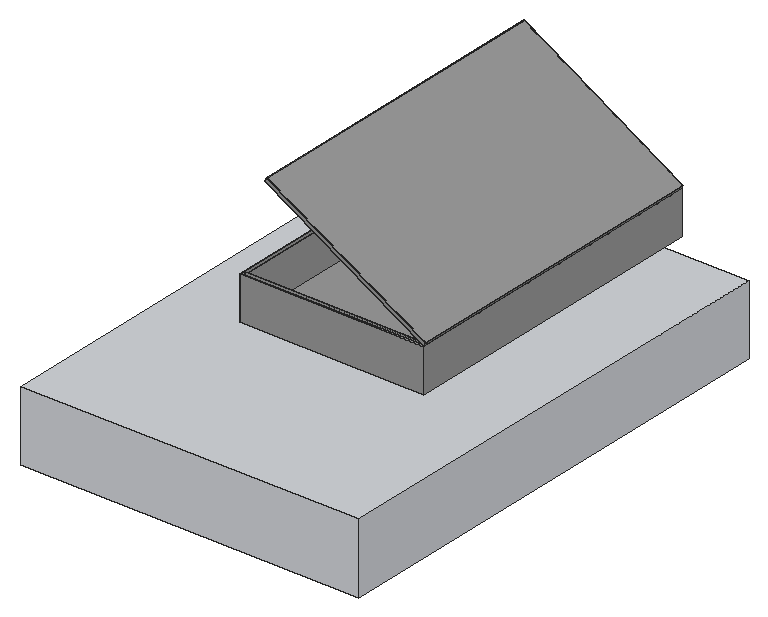
Revit family "Hager-Univers-IP54-D205-H1400-Cl.II-Encl-PL-en", category Equipement électrique, Revit 2020
Family settings
  Hôte = Face
  Configuration du panneau = Deux colonnes, circuits au sein
  Cote de connecteur circulaire = Utiliser le diamètre
  Type d'élément = Tableau de raccordement
  Couper avec des vides une fois chargée = Non
  Partagée = Non
  Point de calcul de pièce = Non
Parameters (values of type "Surface mounted (plaster) IP54 W800 H1400 D205  - FP93SW2")
  Width Control [instance] = if([EF000008 - Width] > Min Width, [EF000008 - Width], Min Width)  # 800 mm
  Commentaires du type = [HG000003 - Range]  # "Univers"
  Thickness Door [instance] = if([EF009171 - Material plate thickness door/cover] > 3 mm, 3 mm, [EF009171 - Material plate thickness door/cover])  # 1 mm
  Seal Frame Offset [instance] = 17 mm  # constant formula
  Plinth Visibility [instance] = [HG000027 - Plinth height] > 0 mm  # no
  Model = ""
  Min Width [instance] = 100 mm  # constant formula
  Min Height [instance] = 100 mm  # constant formula
  Min Depth [instance] = (2 * [EF009170 - Material plate thickness cabinet]) + 1 mm  # 3 mm
  Internal Frame Depth [instance] = (Door System Depth * 0.5)  # 9 mm
  Height Control [instance] = if([EF000040 - Height] > Min Height, [EF000040 - Height], Min Height)  # 1400 mm
  HG000027 - Plinth height = 0 mm
  HG000026 - Floor standing = no
  HG000024 - Bottom section height = 800 mm
  HG000023 - Double section enclosure = no
  HG000016 - Door 3d visibility [instance] = yes
  HG000015 - Clearance visibility [instance] = no
  HG000014 - Door on the right [instance] = yes
  HG000013 - Door on the left [instance] = not([HG000014 - Door on the right])  # no
  HG000012 - Door swing angle [instance] = 30.00°
  HG000010 - Asymmetric doors = no
  HG000009 - Double swing door = no
  HG000006 - Flush mounted = no
  HG000004 - Manufacturer reference = "FP93SW2"
  HG000003 - Range = "Univers"
  HG000002 - With door or cover = yes
  Frame Offset Bottom [instance] = 10 mm  # constant formula
  Frame Offset [instance] = 15 mm  # constant formula
  EF015940 - Cover with overpressure release = no
  EF011959 - Degree of protection (NEMA) = ""
  EF009554 - Number of openings for flange plates = 6
  EF009212 - Cover model = "EV000116 - Closed"
  EF009171 - Material plate thickness door/cover = 1 mm
  EF009170 - Material plate thickness cabinet = 1 mm
  Fabricant = "Hager"  # constant formula
  EF008873 - Nominal current (In) = 250 A
  EF007800 - Suitable for lightning protection = no
  EF006306 - With lock = no
  EF006244 - Transparent cover/door = no
  EF005474 - Degree of protection (IP) = "EV006419 - IP54"
  EF004464 - Type of door = "EV002646 - Single"
  EF004427 - Number of modules = 324
  EF004293 - Impact strength = "EV006815 - IK09"
  EF003532 - Suitable for outdoor use = no
  EF002950 - Width in number of modular spacings = 36
  EF001613 - Circuit integrity = "EV000494 - None"
  EF001596 - Material housing = "EV000179 - Steel"
  EF001131 - Internal depth = 130 mm
  EF001088 - Extension possible = yes
  EF000437 - Number of conduit inlets = 6
  EF000339 - Type of cover = "EV004216 - Door"
  EF000266 - Number of rows = 9
  EF000218 - Built-in depth = 205 mm
  EF000118 - With mounting plate = no
  EF000116 - RAL-number = "9010"
  EF000049 - Depth = 205 mm
  EF000040 - Height = 1400 mm
  EF000008 - Width = 800 mm
  EF000007 - Colour = "EV000202 - White"
  EF000003 - Mounting method = "EV000384 - Surface mounted (plaster)"
  Door System Leaf Tolerance [instance] = 1.5 mm  # constant formula
  Door System Depth [instance] = 18 mm  # constant formula
  Door Height [instance] = Height Control - [HG000027 - Plinth height]  # 1400 mm
  Depth Control [instance] = if([EF000049 - Depth] > Min Depth, [EF000049 - Depth], Min Depth)  # 205 mm
  Default Elevation = 0 mm
  Connector Offset [instance] = Height Control / 2  # 700 mm
  Bottom Top Plate Trim [instance] = 1.5 mm  # constant formula
  Plinth height Ctrl [instance] = if([HG000027 - Plinth height] > 0 mm, [HG000027 - Plinth height], 12 mm)  # 12 mm
Types (5, lengths in mm): name | Width Control | HG000010 - Asymmetric doors | HG000009 - Double swing door | HG000004 - Manufacturer reference | EF009554 - Number of openings for flange plates | EF004464 - Type of door | EF004427 - Number of modules | EF002950 - Width in number of modular spacings | EF000437 - Number of conduit inlets | EF000008 - Width
  Surface mounted (plaster) IP54 W1050 H1400 D205  - FP94SW2 | 1050 | no | yes | "FP94SW2" | 8 | "EV003602 - Double" | 432 | 48 | 8 | 1050
  Surface mounted (plaster) IP54 W1300 H1400 D205  - FP95SW2 | 1300 | yes | yes | "FP95SW2" | 10 | "EV003602 - Double" | 540 | 60 | 10 | 1300
  Surface mounted (plaster) IP54 W300 H1400 D205  - FP91SW2 | 300 | no | no | "FP91SW2" | 2 | "EV002646 - Single" | 108 | 12 | 2 | 300
  Surface mounted (plaster) IP54 W550 H1400 D205  - FP92SW2 | 550 | no | no | "FP92SW2" | 4 | "EV002646 - Single" | 216 | 24 | 4 | 550
  Surface mounted (plaster) IP54 W800 H1400 D205  - FP93SW2 | 800 | no | no | "FP93SW2" | 6 | "EV002646 - Single" | 324 | 36 | 6 | 800
Reference planes
  plane 1 "Center (Front/Back)": y = 0
  plane 2: z = 0
  plane 3 "Center (Left/Right)": x = 0
  plane 4: z = 205
  plane 5: y = 1
  plane 6: y = 700
  plane 7: y = 0
  plane 8: y = 1400
  plane 9: z = 0
  plane 10: x = -385
  plane 11: x = 385
  plane 12: x = 384
  plane 13: x = -384
  plane 14: y = 1399
  plane 15: x = -383
  plane 16: x = -400
  plane 17: x = 383
  plane 18: x = 400
  plane 19: x = 399
  plane 20: x = -399
  plane 21: y = 11
  plane 22: y = 1400
  plane 23: y = 1384
  plane 24: z = 187
  plane 25: z = 1
  plane 26: z = 186
  plane 27: z = 204
Forms (mm)
  Extrusion 1, solid
    sketch origin (0, 0, 0) x (1, 0, 0) y (0, 1, 0)
      loop
        line (-702.964, 1305) -> (-702.964, -811.445) -> (766.763, -811.445) -> (766.763, 1305) -> (-702.964, 1305)
    from 0 to -304.8
  Extrusion 2, solid, material "Hager_Steel_RAL7035_Light_Grey", visible <- "Plinth Visibility", detail levels medium+fine
    sketch origin (0, 0, 0) x (1, 0, 0) y (0, 1, 0)
      loop
        line (-400, 0) -> (400, 0) -> (400, 12) -> (-400, 12) -> (-400, 0)
    from 0 to 187
  Extrusion 3, solid, material "Hager_Steel_RAL7035_Light_Grey", detail levels medium+fine
    sketch origin (0, 0, 0) x (1, 0, 0) y (0, 1, 0)
      loop
        line (-400, 0) -> (400, 0) -> (400, 1400) -> (-400, 1400) -> (-400, 0)
    from 0 to 187
  Extrusion 4, void
    sketch origin (0, 0, 0) x (1, 0, 0) y (0, 1, 0)
      loop
        line (-399, 1) -> (399, 1) -> (399, 1399) -> (-399, 1399) -> (-399, 1)
    from 1 to 186
  Extrusion 5, void
    sketch origin (-381.607, -4572, 187) x (0, -1, 0) y (-1, 0, 0)
      loop
        line (-4583, 2.393) -> (-5956, 2.393) -> (-5956, -765.607) -> (-4583, -765.607) -> (-4583, 2.393)
    from 0 to 1 <- "EF009170 - Material plate thickness cabinet"
  Extrusion 6, solid, material "Hager_Steel_RAL7035_Light_Grey", detail levels fine
    sketch origin (0, 0, 187) x (1, 0, 0) y (0, 1, 0)
      loop
        line (-384, 1384) -> (-384, 11) -> (384, 11) -> (384, 1384) -> (-384, 1384)
      loop
        line (-385, 10) -> (385, 10) -> (385, 1385) -> (-385, 1385) -> (-385, 10)
    from 0 to 9 <- "Internal Frame Depth"
  Extrusion 7, solid, material "Hager_Steel_RAL7035_Light_Grey", detail levels coarse
    sketch origin (0, 0, 0) x (1, 0, 0) y (0, 1, 0)
      loop
        line (-400, 0) -> (400, 0) -> (400, 1400) -> (-400, 1400) -> (-400, 0)
    from 0 to 205
  Sweep 8, void
    path in 3D
      loop
        line (-400, 12, 0) -> (400, 12, 0) -> (400, 12, 187) -> (-400, 12, 187) -> (-400, 12, 0)
    profile origin (-400, 12, 93.5) x (-1, 0, 0) y (0, -1, 0)
      loop
        line (0, 0) -> (0, 1.5) -> (-1.5, 1.5)
        arc (-1.5, 1.5) -> (-1.061, 0.439) -> (0, 0) r 1.5
Cuts and joins
  Extrusion 4, Extrusion 5 cuts Extrusion 3
  Sweep 8 cuts Extrusion 2
Lines and regions (mm)
  Masking region 1
    outline origin (0, 0, 0) x (1, 0, 0) y (0, 0, 1)
      loop
        line (-400, 205) -> (-400, 0) -> (400, 0) -> (400, 205) -> (-400, 205)
  Masking region 2, detail levels medium+fine
    outline origin (0, 140, 0) x (0, 1, 0) y (0, 0, 1)
      loop
        line (-140, 0) -> (1260, 0) -> (1260, 187) -> (-140, 187) -> (-140, 0)
  Masking region 3, not visible, detail levels medium+fine
    outline origin (0, 297.922, 0) x (0, 1, 0) y (0, 0, 1)
      loop
        line (413.578, 0) -> (453.578, 0) -> (453.578, 194)
        arc (453.578, 194) -> (450.649, 201.071) -> (443.578, 204) r 10
        line (443.578, 204) -> (413.578, 204) -> (413.578, 0)
  Masking region 4, detail levels coarse
    outline origin (0, 0, 180) x (0, 1, 0) y (0, 0, 1)
      loop
        line (0, -180) -> (1400, -180) -> (1400, 25) -> (0, 25) -> (0, -180)
  Masking region 5, visible <- "Plinth Visibility", detail levels medium+fine
    outline origin (0, 52.24, 12.345) x (0, 0, -1) y (0, 1, 0)
      loop
        line (10.845, -40.24) -> (-173.155, -40.24)
        arc (-173.155, -40.24) -> (-173.594, -41.301) -> (-174.655, -41.74) r 1.5
        line (-174.655, -41.74) -> (-174.655, -52.24) -> (12.345, -52.24) -> (12.345, -41.74)
        arc (12.345, -41.74) -> (11.285, -41.301) -> (10.845, -40.24) r 1.5
  Masking region 6, detail levels medium+fine
    outline origin (-381.607, -4572, 187) x (-1, 0, 0) y (0, -1, 0)
      loop
        line (18.393, -5972) -> (18.393, -4572) -> (-781.607, -4572) -> (-781.607, -5972) -> (18.393, -5972)
  Masking region 7, visible <- "Plinth Visibility", detail levels medium+fine
    outline origin (-381.607, -4727, 187) x (-1, 0, 0) y (0, -1, 0)
      loop
        arc (16.893, -4739) -> (17.332, -4737.939) -> (18.393, -4737.5) r 1.5
        line (18.393, -4737.5) -> (18.393, -4727) -> (-781.607, -4727) -> (-781.607, -4737.5)
        arc (-781.607, -4737.5) -> (-780.546, -4737.939) -> (-780.107, -4739) r 1.5
        line (-780.107, -4739) -> (16.893, -4739)
  Masking region 8, detail levels coarse
    outline origin (-442.548, -4669.526, 187) x (-1, 0, 0) y (0, -1, 0)
      loop
        line (-42.548, -6069.526) -> (-42.548, -4669.526) -> (-842.548, -4669.526) -> (-842.548, -6069.526) -> (-42.548, -6069.526)
  sketch lines
    curve 1: line (-400, 12, 187) -> (-400, 12, 0)
    curve 2: line (400, 12, 187) -> (-400, 12, 187)
    curve 3: line (400, 12, 187) -> (400, 12, 0)
    curve 4: line (-400, 12, 0) -> (400, 12, 0)
Dimensions and locks
  "Depth Control": plane 4 to Extrusion 1
  "HG000027 - Plinth height": plane 1 "Center (Front/Back)" to plane 7
  "EF009170 - Material plate thickness cabinet": plane 5 to plane 7
  locked: connector elem to plane 3 "Center (Left/Right)"
  equal spacing: plane 8, plane 6, plane 7
  locked: connector elem to plane 6
  "EF009170 - Material plate thickness cabinet": plane 8 to plane 14
  "EF009170 - Material plate thickness cabinet": plane 10 to plane 13
  "EF009170 - Material plate thickness cabinet": plane 12 to plane 11
  "Frame Offset": plane 20 to plane 13
  "Frame Offset": plane 12 to plane 19
  "EF009170 - Material plate thickness cabinet": plane 16 to plane 20
  "EF009170 - Material plate thickness cabinet": plane 19 to plane 18
  "Seal Frame Offset": plane 16 to plane 15
  "Seal Frame Offset": plane 17 to plane 18
  "Frame Offset Bottom": plane 21 to plane 5
  "Frame Offset": plane 14 to plane 23
  equal spacing: plane 16, plane 3 "Center (Left/Right)", plane 18
  "Width Control": plane 16 to plane 18
  "EF009170 - Material plate thickness cabinet": plane 4 to plane 27
  "EF009170 - Material plate thickness cabinet": plane 24 to plane 26
  "EF009170 - Material plate thickness cabinet": plane 25 to level
  "Door System Depth": plane 4 to plane 24
  "Height Control": plane 1 "Center (Front/Back)" to Extrusion 7 sketch curve
  "Height Control": Masking region 4 sketch curve to plane 1 "Center (Front/Back)"
  "Height Control": plane 1 "Center (Front/Back)" to plane 22
  "Bottom Top Plate Trim": profile plane to Sweep 8 sketch curve
  "Bottom Top Plate Trim": Sweep 8 sketch curve to profile plane
  "Plinth height Ctrl": plane 1 "Center (Front/Back)" to Extrusion 2 sketch curve
  "Plinth height Ctrl": Masking region 5 sketch curve to plane 1 "Center (Front/Back)"
  "Plinth height Ctrl": plane 1 "Center (Front/Back)" to Masking region 7 sketch curve
  "Thickness Door": Extrusion 6 sketch curve to Extrusion 6 sketch curve  (x3)
  "Thickness Door": cut or joined group of Extrusion 3, Extrusion 4, Extrusion 5 to Extrusion 6 sketch curve
  radius of Masking region 3 sketch curve = 10 mm
  "Bottom Top Plate Trim": radius of Masking region 5 sketch curve  (x2)
  "Bottom Top Plate Trim": radius of Sweep 8 sketch curve
  "Bottom Top Plate Trim": radius of Masking region 7 sketch curve  (x2)
  aligned and locked: plane 2 to Extrusion 1
  aligned and locked: level to Extrusion 1
  aligned and locked: level to Masking region 1 sketch curve
  aligned and locked: Masking region 1 sketch curve to plane 18
  aligned and locked: Masking region 1 sketch curve to plane 16
  aligned and locked: plane 7 to Masking region 2 sketch curve
  aligned and locked: level to Masking region 3 sketch curve
  aligned and locked: Masking region 3 sketch curve to plane 27
  aligned and locked: level to Masking region 2 sketch curve
  aligned and locked: plane 1 "Center (Front/Back)" to Extrusion 2 sketch curve
  aligned and locked: Extrusion 3 sketch curve to plane 7
  aligned and locked: plane 16 to Extrusion 3 sketch curve
  aligned and locked: plane 18 to Extrusion 3 sketch curve
  aligned and locked: plane 20 to Extrusion 4 sketch curve
  aligned and locked: plane 19 to Extrusion 4 sketch curve
  aligned and locked: Extrusion 4 sketch curve to plane 5
  aligned and locked: Extrusion 4 to plane 25
  aligned and locked: plane 26 to Extrusion 4
  aligned and locked: plane 24 to Extrusion 3
  aligned and locked: Extrusion 5 sketch curve to plane 21
  aligned and locked: Extrusion 5 sketch curve to plane 13
  aligned and locked: Extrusion 5 sketch curve to plane 12
  aligned and locked: plane 18 to Extrusion 7 sketch curve
  aligned and locked: plane 1 "Center (Front/Back)" to Extrusion 7 sketch curve
  aligned and locked: plane 16 to Extrusion 7 sketch curve
  aligned and locked: plane 4 to Extrusion 7
  aligned and locked: Extrusion 7 to level
  aligned and locked: level to Masking region 4 sketch curve
  aligned and locked: Masking region 4 sketch curve to plane 1 "Center (Front/Back)"
  aligned and locked: Masking region 4 sketch curve to plane 4
  aligned and locked: nested 1 to level
  aligned and locked: nested 1 to plane 16
  aligned and locked: plane 8 to Extrusion 3 sketch curve
  aligned and locked: plane 23 to Extrusion 5 sketch curve
  aligned and locked: plane 14 to Extrusion 4 sketch curve
  aligned and locked: Masking region 2 sketch curve to plane 8
  aligned and locked: level to Masking region 5 sketch curve
  aligned and locked: plane 16 to Extrusion 2 sketch curve
  aligned and locked: plane 18 to Extrusion 2 sketch curve
  aligned and locked: Masking region 5 sketch curve to plane 24
  aligned and locked: Masking region 2 sketch curve to plane 24
  aligned and locked: plane 24 to Extrusion 2
  aligned and locked: profile plane to Sweep 8 sketch curve  (x2)
  aligned and locked: Masking region 6 sketch curve to plane 18
  aligned and locked: Masking region 6 sketch curve to plane 22
  aligned and locked: Masking region 6 sketch curve to plane 16
  aligned and locked: plane 8 to plane 22
  aligned and locked: Masking region 6 sketch curve to plane 7
  aligned and locked: Masking region 7 sketch curve to plane 16
  aligned and locked: Masking region 7 sketch curve to plane 1 "Center (Front/Back)"
  aligned and locked: Masking region 7 sketch curve to plane 18
  aligned and locked: Masking region 8 sketch curve to plane 1 "Center (Front/Back)"
  aligned and locked: Masking region 8 sketch curve to plane 18
  aligned and locked: Masking region 8 sketch curve to plane 22
  aligned and locked: Masking region 8 sketch curve to plane 16
  aligned and locked: nested 2 to plane 7
  aligned and locked: plane 3 "Center (Left/Right)" to nested 2
  aligned and locked: nested 2 to plane 24
  aligned and locked: Extrusion 6 sketch curve to cut or joined group of Extrusion 3, Extrusion 4, Extrusion 5  (x4)
Automatic sketch dimensions
  Extrusion 1 sketch curve to Extrusion 1 sketch curve = 1469.727 mm
  Extrusion 1 sketch curve to Extrusion 1 sketch curve = 2116.445 mm
  Masking region 1 sketch curve to plane 4 = 0 mm
  plane 6 to Masking region 3 sketch curve = 11.5 mm
  Masking region 3 sketch curve to Masking region 3 sketch curve = 30 mm
  Masking region 5 sketch curve to plane 1 "Center (Front/Back)" = 0 mm
Nested families
  nested 1: "Hager_Enclosure_Symbol" at (-400, 0, 0) x (1, 0, 0) z (0, -1, 0), Height <- "Depth Control", Width <- "Width Control", type "Hager_Enclosure_Symbol"
    with Width_Ctrl 800 mm, Width 800 mm, Height_Ctrl 205 mm, Height 205 mm, A_Width_Int 13.453 mm, A_Width 161.438 mm, A_Height_Ctrl 179.375 mm, A_Height 179.375 mm
  nested 2: "EC000058_Univers_Door" at (0, 0, 187) x (1, 0, 0) z (0, 1, 0), Leaf_Tolerance <- "Door System Leaf Tolerance", Angle <- "HG000012 - Door swing angle", Door_Depth <- "Door System Depth", Door_Left <- "HG000013 - Door on the left", Transparent <- "EF006244 - Transparent cover/door", Assymetrical <- "HG000010 - Asymmetric doors", Width <- "Width Control", Clearance <- "HG000015 - Clearance visibility", Double <- "HG000009 - Double swing door", 3d_Door <- "HG000016 - Door 3d visibility", Lock_Visibility <- "EF006306 - With lock", Width_Ctrl <- "Width Control", Door_Right <- "HG000014 - Door on the right", Door <- "HG000002 - With door or cover", Height <- "Door Height", Thickness <- "Thickness Door", type "EC000058_Univers_Door", detail levels medium+fine
    with min_wh 3 mm, Width_Ctrl 800 mm, Width 800 mm, Transparent no, Thickness 1 mm, Seal_Material Hager_Rubber, Lock_Visibility no, Lock_Material Hager_Plastic_RAL9005_Jet_Black, Leaf_Width 800 mm, Leaf_Tolerance_External_Sides 0 mm, Leaf_Tolerance 1.5 mm, Leaf_Offset 0 mm, Leaf_Height 1397 mm, Leaf_2_Width 800 mm, Leaf_2_Offset 400 mm, Leaf_1_Width 800 mm, Leaf_1_Offset 400 mm, Height_Ctrl 1400 mm, Height 1400 mm, Glass_Material Hager_Glass, Double_Clearance_Ctrl no, Double no, Door_Right_Ctrl yes, Door_Right yes, Door_Material Hager_Steel_RAL7035_Light_Grey, Door_Left_Ctrl no, Door_Left no, Door_Depth 18 mm, Door yes, Clearance_Material Hager_Clearance, Clearance_Depth 800 mm, Clearance_Ctrl no, Clearance no, Assymetrical no, Angle 30.00°, 3d_Door yes
Connectors
  electrical at (0, 700, 0)
    settings: on plane 9, index 1, voltage 0 V, apparent load 0 VA, apparent load phase1 0 VA, apparent load phase2 0 VA, apparent load phase3 0 VA, power factor 1, load classification "Other", number of poles 1, system type 30, power factor state 1, is connector primary yes, connector utility no, sub classification motor no, connector description ""
Definition of nested family "EC000058_Univers_Door"
  Parameters (values of type "EC000058_Univers_Door")
    min_wh [instance] = (2 * Thickness) + 1 mm  # 11 mm
    Width_Ctrl [instance] = 400 mm
    Width [instance] = 500 mm
    Transparent [instance] = yes
    Thickness [instance] = 5 mm
    Seal_Material [instance] = none
    Lock_Visibility [instance] = yes
    Lock_Material [instance] = none
    Leaf_Width [instance] = if((Width_Ctrl - 2 * Leaf_Tolerance_External_Sides) > 0 mm, (Width_Ctrl - 2 * Leaf_Tolerance_External_Sides), min_wh)  # 400 mm
    Leaf_Tolerance_External_Sides [instance] = 0 mm  # constant formula
    Leaf_Tolerance [instance] = 1.5 mm
    Leaf_Offset [instance] = 0 mm  # constant formula
    Leaf_Height [instance] = if((Height_Ctrl - 2 * Leaf_Tolerance) > 0 mm, (Height_Ctrl - 2 * Leaf_Tolerance), min_wh)  # 497 mm
    Leaf_2_Width [instance] = if(and(and(Double, Assymetrical), Door_Left), (Leaf_Width / 3) - (Leaf_Tolerance / 2), if(and(and(Double, Assymetrical), Door_Right), (Leaf_Width / 3) * 2 - (Leaf_Tolerance / 2), if(and(Double, not(Assymetrical)), (Leaf_Width / 2) - Leaf_Tolerance, Leaf_Width)))  # 400 mm
    Leaf_2_Offset [instance] = if(and(Double, Assymetrical), Leaf_2_Width / 2, if(and(Double, not(Assymetrical)), Leaf_Width / 4, Leaf_Width / 2))  # 200 mm
    Leaf_1_Width [instance] = if(and(and(Double, Assymetrical), Door_Right), (Leaf_Width / 3) - (Leaf_Tolerance / 2), if(and(and(Double, Assymetrical), Door_Left), (Width / 3) * 2 - (Leaf_Tolerance / 2), if(and(Double, not(Assymetrical)), (Leaf_Width / 2) - Leaf_Tolerance, Leaf_Width)))  # 400 mm
    Leaf_1_Offset [instance] = if(and(Double, Assymetrical), Leaf_1_Width / 2, if(and(Double, not(Assymetrical)), Leaf_Width / 4, Leaf_Width / 2))  # 200 mm
    Height_Ctrl [instance] = if(Height > min_wh, Height, min_wh)  # 500 mm
    Height [instance] = 500 mm
    Glass_Material [instance] = none
    Double_Clearance_Ctrl [instance] = and(Double, Clearance)  # no
    Double [instance] = no
    Door_Right_Ctrl [instance] = and(or(Door_Right, Double), Door)  # yes
    Door_Right [instance] = yes
    Door_Material [instance] = none
    Door_Left_Ctrl [instance] = and(or(Door_Left, Double), Door)  # no
    Door_Left [instance] = no
    Door_Depth [instance] = 30 mm
    Door [instance] = yes
    Default Elevation = 1219.2 mm
    Clearance_Material [instance] = none
    Clearance_Depth [instance] = if(Leaf_1_Width > Leaf_2_Width, Leaf_1_Width, Leaf_2_Width)  # 400 mm
    Clearance_Ctrl [instance] = and(not(Double), Clearance)  # yes
    Clearance [instance] = yes
    Assymetrical [instance] = yes
    Angle [instance] = 30.00°
    3d_Door [instance] = yes
  Reference planes
    plane 1 "Center (Front/Back)": y = 0
    plane 2 "Bottom": z = 0
    plane 3 "Center (Left/Right)": x = 0
    plane 4: z = 500
    plane 5: x = -200
    plane 6: x = 200
    plane 7: z = 500
    plane 8: x = -200
    plane 9: z = 0
    plane 10: x = 200
    plane 11: y = 0
    plane 12: z = 1.5
    plane 13: x = -600
    plane 14: y = -400
    plane 15: x = 600
    plane 16: x = 0
    plane 17: x = 0
    plane 18: x = -200
    plane 19: x = 200
    plane 20: z = 498.5
  Forms (mm)
    Extrusion 1, solid, material <- "Clearance_Material", visible <- "Double_Clearance_Ctrl"
      sketch origin (1200, 0, 0) x (1, 0, 0) y (0, 0, -1)
        loop
          line (-1800, -498.5) -> (-600, -498.5) -> (-600, 0) -> (-1800, 0) -> (-1800, -498.5)
      from 0 to -400
  Dimensions and locks
    equal spacing: plane 5, plane 3 "Center (Left/Right)", plane 6
    "Width_Ctrl": plane 5 to plane 6
    "Leaf_Offset": plane 5 to plane 8
    "Leaf_Offset": plane 6 to plane 10
    "Leaf_Offset": plane 9 to level
    "Leaf_Offset": plane 4 to plane 7
    "Height_Ctrl": plane 4 to level
    "Leaf_Tolerance": plane 12 to plane 9
    locked: plane 11 to plane 1 "Center (Front/Back)"
    "Leaf_1_Offset": plane 18 to plane 16
    "Leaf_2_Offset": plane 17 to plane 19
    "Leaf_1_Width": plane 13 to plane 8
    "Leaf_2_Width": plane 10 to plane 15
    "Clearance_Depth": plane 14 to plane 1 "Center (Front/Back)"
    "Leaf_Tolerance_External_Sides": plane 8 to plane 18
    "Leaf_Tolerance_External_Sides": plane 19 to plane 10
    "Leaf_Tolerance": plane 7 to plane 20
    aligned and locked: level to plane 2 "Bottom"
    aligned and locked: nested 1 to plane 16
    aligned and locked: nested 2 to plane 17
    aligned and locked: Extrusion 1 to plane 13
    aligned and locked: plane 15 to Extrusion 1
    aligned and locked: Extrusion 1 to plane 14
    aligned and locked: plane 12 to nested 1
    aligned and locked: nested 2 to plane 12
    aligned and locked: Extrusion 1 to plane 11
    aligned and locked: plane 20 to Extrusion 1
    aligned and locked: nested 2 to plane 11
    aligned and locked: nested 1 to plane 11
  Automatic sketch dimensions
    Extrusion 1 sketch curve to level = 0 mm
    plane 5 to Extrusion 1 sketch curve = 400 mm
    plane 6 to Extrusion 1 sketch curve = 400 mm
    Extrusion 1 sketch curve to plane 4 = 1.5 mm
  Nested families
    nested 1: "EC000058_Univers_Door_Leaf" at (0, 0, 1.5), Width <- "Leaf_1_Width", visible <- "Door_Left_Ctrl", Leaf_Height <- "Leaf_Height", Angle <- "Angle", 3d_Door <- "3d_Door", Transparent <- "Transparent", Clearance Material <- "Clearance_Material", Clearance <- "Clearance_Ctrl", Door_Material <- "Door_Material", Glass_Material <- "Glass_Material", Door_Depth <- "Door_Depth", Lock_Material <- "Lock_Material", Seal_Material <- "Seal_Material", Lock_Visibility <- "Lock_Visibility", Thickness <- "Thickness", type "EC000058_Univers_Door_Leaf"
      with Width 400 mm, Transparent_Glass_Offset 30 mm, Transparent_Ctrl yes, Transparent yes, Thickness 5 mm, Standard no, Seal_Material none, Seal_D2 8 mm, Seal_D1 1 mm, Offset_Internal_Frame 10 mm, Lock_Width 20 mm, Lock_Visibility_3d yes, Lock_Visibility yes, Lock_Thickness_3 3 mm, Lock_Thickness_2 1 mm, Lock_Thickness_1 3 mm, Lock_Radius_Offset_2 16 mm, Lock_Radius_Offset_1 15 mm, Lock_Radius_2 5 mm, Lock_Radius 6 mm, Lock_Offset 5 mm, Lock_Material none, Lock_Height 80 mm, Lock_Cover_Top_Offset_2d 17 mm, Lock_Cover_Height -65 mm, Leaf_Height 497 mm, Internal_Seal_Thickness 8 mm, Internal_Seal_Depth_2 4.5 mm, Internal_Frame_Depth 25 mm, Glass_Thickness -1 mm, Glass_Offset -2 mm, Glass_Material none, Door_Material none, Door_Depth 30 mm, Clearance Material none, Clearance yes, Angle_Ctrl 30.00°, Angle 30.00°, 3d_Door yes
    nested 2: "EC000058_Univers_Door_Leaf" at (0, 0, 1.5) x (-1, 0, 0) z (0, 0, 1), Width <- "Leaf_2_Width", visible <- "Door_Right_Ctrl", Leaf_Height <- "Leaf_Height", Angle <- "Angle", 3d_Door <- "3d_Door", Transparent <- "Transparent", Clearance Material <- "Clearance_Material", Clearance <- "Clearance_Ctrl", Door_Material <- "Door_Material", Glass_Material <- "Glass_Material", Door_Depth <- "Door_Depth", Lock_Material <- "Lock_Material", Seal_Material <- "Seal_Material", Lock_Visibility <- "Lock_Visibility", Thickness <- "Thickness", type "EC000058_Univers_Door_Leaf"
      with Width 400 mm, Transparent_Glass_Offset 30 mm, Transparent_Ctrl yes, Transparent yes, Thickness 5 mm, Standard no, Seal_Material none, Seal_D2 8 mm, Seal_D1 1 mm, Offset_Internal_Frame 10 mm, Lock_Width 20 mm, Lock_Visibility_3d yes, Lock_Visibility yes, Lock_Thickness_3 3 mm, Lock_Thickness_2 1 mm, Lock_Thickness_1 3 mm, Lock_Radius_Offset_2 16 mm, Lock_Radius_Offset_1 15 mm, Lock_Radius_2 5 mm, Lock_Radius 6 mm, Lock_Offset 5 mm, Lock_Material none, Lock_Height 80 mm, Lock_Cover_Top_Offset_2d 17 mm, Lock_Cover_Height -65 mm, Leaf_Height 497 mm, Internal_Seal_Thickness 8 mm, Internal_Seal_Depth_2 4.5 mm, Internal_Frame_Depth 25 mm, Glass_Thickness -1 mm, Glass_Offset -2 mm, Glass_Material none, Door_Material none, Door_Depth 30 mm, Clearance Material none, Clearance yes, Angle_Ctrl 30.00°, Angle 30.00°, 3d_Door yes
  Definition of nested family "EC000058_Univers_Door_Leaf"
    Parameters (values of type "EC000058_Univers_Door_Leaf")
      Width [instance] = 2000 mm
      Transparent_Glass_Offset [instance] = 30 mm
      Transparent_Ctrl [instance] = and(Transparent, [3d_Door])  # yes
      Transparent [instance] = yes
      Thickness [instance] = 5 mm
      Standard [instance] = and(not(Transparent), [3d_Door])  # no
      Seal_Material [instance] = none
      Seal_D2 [instance] = 8 mm  # constant formula
      Seal_D1 [instance] = 1 mm  # constant formula
      Offset_Internal_Frame [instance] = 10 mm  # constant formula
      Lock_Width [instance] = 20 mm  # constant formula
      Lock_Visibility_3d [instance] = and(Lock_Visibility, [3d_Door])  # yes
      Lock_Visibility [instance] = yes
      Lock_Thickness_3 [instance] = 3 mm  # constant formula
      Lock_Thickness_2 [instance] = 1 mm  # constant formula
      Lock_Thickness_1 [instance] = 3 mm  # constant formula
      Lock_Radius_Offset_2 [instance] = Lock_Radius_Offset_1 + 1 mm  # 16 mm
      Lock_Radius_Offset_1 [instance] = 15 mm  # constant formula
      Lock_Radius_2 [instance] = Lock_Radius - 1 mm  # 5 mm
      Lock_Radius [instance] = 6 mm  # constant formula
      Lock_Offset [instance] = 5 mm  # constant formula
      Lock_Material [instance] = none
      Lock_Height [instance] = 80 mm  # constant formula
      Lock_Cover_Top_Offset_2d [instance] = Lock_Radius_Offset_2 + 1 mm  # 17 mm
      Lock_Cover_Height [instance] = -(Lock_Height - Lock_Radius_Offset_1)  # -65 mm
      Leaf_Height [instance] = 2720.336 mm
      Internal_Seal_Thickness [instance] = 8 mm  # constant formula
      Internal_Seal_Depth_2 [instance] = 4.5 mm  # constant formula
      Internal_Frame_Depth [instance] = if(Door_Depth - Thickness > 5 mm, Door_Depth - Thickness, 5 mm)  # 25 mm
      Glass_Thickness [instance] = if(Thickness > 15 mm, Glass_Offset + 10 mm, -1 mm)  # -1 mm
      Glass_Offset [instance] = if(Thickness > 15 mm, -(Thickness + 10 mm) / 2, -2 mm)  # -2 mm
      Glass_Material [instance] = none
      Door_Material [instance] = none
      Door_Depth [instance] = 30 mm
      Default Elevation = 0 mm
      Clearance Material [instance] = none
      Clearance [instance] = yes
      Angle_Ctrl [instance] = if(Angle > 180.00°, 180.00°, Angle)  # 90.00°
      Angle [instance] = 90.00°
      3d_Door [instance] = yes
    Reference planes
      plane 1 "Center (Front/Back)": y = 0
      plane 2: z = 0
      plane 3 "Center (Left/Right)": x = 0
      plane 4: y = 2000
      plane 5: x = -1000
      plane 6: x = 1000
      plane 7: x = -3000
      plane 8: z = 2720.336
      plane 9: z = 30
      plane 10: z = 2690.336
      plane 11: x = 970
      plane 12: x = -970
      plane 13: y = -3
      plane 14: z = 107.833
      plane 15: y = -5
      plane 16: y = -223.314
      plane 17: x = -1000
      plane 18: z = 1360.168
      plane 19: y = 30
    Forms (mm)
      Extrusion 1, solid, material <- "Clearance Material", visible <- "Clearance"
        sketch origin (0, 0, 0) x (1, 0, 0) y (0, 0, 1)
          loop
            line (-3000, 2720.336) -> (-3000, 0) -> (1000, 0) -> (1000, 2720.336) -> (-3000, 2720.336)
        from 0 to -2000
      Extrusion 2, solid, material <- "Door_Material", visible <- "Standard", detail levels medium+fine
        sketch origin (-1000, 0, 0) x (0, 1, 0) y (-1, 0, 0)
          loop
            line (0, 30) -> (0, 25) -> (2000, 25) -> (2000, 30) -> (0, 30)
        from 0 to 2720.336 <- "Leaf_Height"
      Extrusion 3, solid, material <- "Door_Material", visible <- "Transparent_Ctrl", detail levels medium+fine
        sketch origin (-1000, 0, 0) x (0, 1, 0) y (-1, 0, 0)
          loop
            line (0, 25) -> (2000, 25) -> (2000, 30) -> (0, 30) -> (0, 25)
        from 0 to 2720.336 <- "Leaf_Height"
      Extrusion 4, void
        sketch origin (-1025, 2000, 0) x (0, 1, 0) y (0, 0, -1)
          loop
            line (-30, -2690.336) -> (-30, -30) -> (-1970, -30) -> (-1970, -2690.336) -> (-30, -2690.336)
        from 0 to 5 <- "Thickness"
      Sweep 5, solid, material <- "Seal_Material", visible <- "Transparent_Ctrl", detail levels fine
        path in 3D
          loop
            line (-1025, 30, 30) -> (-1025, 30, 2690.336) -> (-1025, 1970, 2690.336) -> (-1025, 1970, 30) -> (-1025, 30, 30)
        profile origin (-1025, 1000, 30) x (1, 0, 0) y (0, 0, 1)
          loop
            line (0, 0) -> (0, -8) -> (1, -8) -> (1, 0) -> (0, 0)
      Extrusion 6, solid, material <- "Glass_Material", visible <- "Transparent_Ctrl", detail levels medium+fine
        sketch origin (-1030, 0, 0) x (0, 1, 0) y (0, 0, -1)
          loop
            line (1970, -2690.336) -> (1970, -30) -> (30, -30) -> (30, -2690.336) -> (1970, -2690.336)
        from -2 <- "Glass_Offset" to -1 <- "Glass_Thickness"
      Extrusion 7, solid, material <- "Door_Material", visible <- "3d_Door", detail levels medium+fine
        sketch origin (-1025, 2000, 0) x (0, -1, 0) y (0, 0, -1)
          loop
            line (0, -2720.336) -> (2000, -2720.336) -> (2000, 0) -> (0, 0) -> (0, -2720.336)
          loop
            line (1995, -5) -> (5, -5) -> (5, -2715.336) -> (1995, -2715.336) -> (1995, -5)
        from 0 to 25 <- "Internal_Frame_Depth"
      Sweep 8, solid, material <- "Seal_Material", visible <- "Transparent_Ctrl", detail levels fine
        path in 3D
          loop
            line (-1025, 0, 0) -> (-1025, 2000, 0) -> (-1025, 2000, 2720.336) -> (-1025, 0, 2720.336) -> (-1025, 0, 0)
        profile origin (-1025, 0, 1360.168) x (1, 0, 0) y (0, 1, 0)
          loop
            line (0, 10) -> (2.975, 10)
            arc (2.975, 10) -> (4.053, 10.447) -> (4.5, 11.525) r 1.525
            line (4.5, 11.525) -> (4.5, 16.527)
            arc (4.5, 16.527) -> (4.069, 17.569) -> (3.027, 18) r 1.473
            line (3.027, 18) -> (0, 18) -> (0, 10)
      Extrusion 9, solid, material <- "Lock_Material", visible <- "Lock_Visibility_3d", detail levels fine
        sketch origin (-1030, 0, 0) x (0, 1, 0) y (0, 0, -1)
          loop
            arc (1993.5, -1400.168) -> (1994.561, -1399.729) -> (1995, -1398.668) r 1.5
            line (1995, -1398.668) -> (1995, -1320.168) -> (1975, -1320.168) -> (1975, -1398.668)
            arc (1975, -1398.668) -> (1975.439, -1399.729) -> (1976.5, -1400.168) r 1.5
            line (1976.5, -1400.168) -> (1993.5, -1400.168)
        from 3 <- "Lock_Thickness_1" to 0
      Blend 10, solid, material <- "Lock_Material", visible <- "Lock_Visibility_3d", detail levels fine
        base sketch origin (-1033, 0, 0) x (0, 1, 0) y (0, 0, -1)
          loop
            line (1975, -1320.168) -> (1975, -1398.668)
            arc (1975, -1398.668) -> (1975.439, -1399.729) -> (1976.5, -1400.168) r 1.5
            line (1976.5, -1400.168) -> (1993.5, -1400.168)
            arc (1993.5, -1400.168) -> (1994.561, -1399.729) -> (1995, -1398.668) r 1.5
            line (1995, -1398.668) -> (1995, -1320.168) -> (1975, -1320.168)
        top sketch origin (-1033, 0, 0) x (0, 1, 0) y (0, 0, -1)
          loop
            line (1976, -1320.168) -> (1976, -1398.668)
            arc (1976, -1398.668) -> (1976.146, -1399.022) -> (1976.5, -1399.168) r 0.5
            line (1976.5, -1399.168) -> (1993.5, -1399.168)
            arc (1993.5, -1399.168) -> (1993.854, -1399.022) -> (1994, -1398.668) r 0.5
            line (1994, -1398.668) -> (1994, -1320.168) -> (1976, -1320.168)
        from 0 to 1 <- "Lock_Thickness_2"
      Blend 11, solid, material <- "Lock_Material", visible <- "Lock_Visibility_3d", detail levels fine
        base sketch origin (-1034, 0, 0) x (0, 1, 0) y (0, 0, -1)
          loop
            line (1978, -1320.168) -> (1978, -1384.168)
            arc (1978, -1384.168) -> (1985, -1391.168) -> (1992, -1384.168) r 7
            line (1992, -1384.168) -> (1992, -1320.168) -> (1978, -1320.168)
        top sketch origin (-1034, 0, 0) x (0, 1, 0) y (0, 0, -1)
          loop
            line (1991, -1320.168) -> (1979, -1320.168) -> (1979, -1383.168)
            arc (1979, -1383.168) -> (1985, -1389.168) -> (1991, -1383.168) r 6
            line (1991, -1383.168) -> (1991, -1320.168)
        from 0 to 3 <- "Lock_Thickness_3"
      Extrusion 12, solid, material <- "Lock_Material", visible <- "Lock_Visibility_3d", detail levels fine
        sketch origin (-1030, 1975, 1320.168) x (1, 0, 0) y (0, -1, 0)
          loop
            line (-7, -19) -> (-7, -1) -> (0, -1) -> (0, 0) -> (-8, 0) -> (-8, -20) -> (0, -20) -> (0, -19) -> (-7, -19)
        from 0 to -65 <- "Lock_Cover_Height"
      Extrusion 13, void
        sketch origin (-1038, 1995, 1320.168) x (-1, 0, 0) y (0, 0, -1)
          loop
            line (-5, -65) -> (0, -65) -> (-5, -60) -> (-5, -65)
        from 0 to 20 <- "Lock_Width"
      Extrusion 14, void
        sketch origin (-1038, 1975, 1320.168) x (0, -1, 0) y (0, 0, -1)
          loop
            circle (-10, -15.995) r 6
          loop
            circle (-10, -15.995) r 5
        from 0 to 2
      Extrusion 15, solid, material <- "Lock_Material", visible <- "Lock_Visibility_3d", detail levels medium
        sketch origin (-1030, 0, 0) x (0, 1, 0) y (0, 0, -1)
          loop
            arc (1993.5, -1400.168) -> (1994.561, -1399.729) -> (1995, -1398.668) r 1.5
            line (1995, -1398.668) -> (1995, -1320.168) -> (1975, -1320.168) -> (1975, -1398.668)
            arc (1975, -1398.668) -> (1975.439, -1399.729) -> (1976.5, -1400.168) r 1.5
            line (1976.5, -1400.168) -> (1993.5, -1400.168)
        from 8 to 0
    Cuts and joins
      Extrusion 4 cuts Extrusion 3
      Extrusion 13, Extrusion 14 cuts Extrusion 9
      Extrusion 14 cuts Blend 11
      Extrusion 13, Extrusion 14 cuts Extrusion 12
      joined: Extrusion 9, Blend 10, Blend 11, Extrusion 12
      Extrusion 14 cuts Extrusion 15
    Lines and regions (mm)
      Masking region 1, visible <- "Lock_Visibility", detail levels fine
        outline origin (0, 0, 0) x (0, 1, 0) y (0, 0, 1)
          loop
            line (30, 1320.168) -> (33, 1320.168) -> (33, 1400.168) -> (30, 1400.168) -> (30, 1320.168)
      Masking region 2, visible <- "Lock_Visibility", detail levels fine
        outline origin (0, 3.143, 0) x (0, 1, 0) y (0, 0, 1)
          loop
            line (29.857, 1354.168) -> (30.857, 1354.168) -> (30.857, 1366.168) -> (29.857, 1366.168) -> (29.857, 1354.168)
      Masking region 3, detail levels medium+fine
        outline origin (0, 0, 0) x (0, 1, 0) y (0, 0, 1)
          loop
            line (0, 0) -> (30, 0) -> (30, 2720.336) -> (0, 2720.336) -> (0, 0)
      Masking region 4, detail levels medium+fine
        outline origin (0, 0, 0) x (1, 0, 0) y (0, 0, 1)
          loop
            line (-1000, 2720.336) -> (-1000, 0) -> (1000, 0) -> (1000, 2720.336) -> (-1000, 2720.336)
      Masking region 5, visible <- "Lock_Visibility", detail levels fine
        outline origin (-47.116, 0, 0) x (1, 0, 0) y (0, 0, 1)
          loop
            arc (1024.616, 1399.168) -> (1023.556, 1398.729) -> (1023.116, 1397.668) r 1.5
            line (1023.116, 1397.668) -> (1023.116, 1320.168) -> (1041.116, 1320.168) -> (1041.116, 1397.668)
            arc (1041.116, 1397.668) -> (1040.677, 1398.729) -> (1039.616, 1399.168) r 1.5
            line (1039.616, 1399.168) -> (1024.616, 1399.168)
      Masking region 6, visible <- "Lock_Visibility", detail levels medium+fine
        outline origin (-25, 0, 0) x (1, 0, 0) y (0, 0, 1)
          loop
            arc (1001.5, 1400.168) -> (1000.439, 1399.729) -> (1000, 1398.668) r 1.5
            line (1000, 1398.668) -> (1000, 1320.168) -> (1020, 1320.168) -> (1020, 1398.668)
            arc (1020, 1398.668) -> (1019.561, 1399.729) -> (1018.5, 1400.168) r 1.5
            line (1018.5, 1400.168) -> (1001.5, 1400.168)
      Masking region 7, visible <- "Lock_Visibility", detail levels fine
        outline origin (-73.735, 0, 0) x (1, 0, 0) y (0, 0, 1)
          loop
            line (1051.735, 1382.168) -> (1065.735, 1382.168) -> (1065.735, 1384.168)
            arc (1065.735, 1384.168) -> (1058.735, 1391.168) -> (1051.735, 1384.168) r 7
            line (1051.735, 1384.168) -> (1051.735, 1382.168)
      Masking region 8, visible <- "Lock_Visibility", detail levels fine
        outline origin (-73.735, 0, 0) x (1, 0, 0) y (0, 0, 1)
          loop
            line (1052.735, 1382.168) -> (1064.735, 1382.168) -> (1064.735, 1383.168)
            arc (1064.735, 1383.168) -> (1058.735, 1389.168) -> (1052.735, 1383.168) r 6
            line (1052.735, 1383.168) -> (1052.735, 1382.168)
      Masking region 9, visible <- "Lock_Visibility", detail levels fine
        outline origin (-25, 0, 0) x (1, 0, 0) y (0, 0, 1)
          loop
            line (1020, 1320.168) -> (1020, 1382.168) -> (1000, 1382.168) -> (1000, 1320.168) -> (1020, 1320.168)
      Masking region 10, detail levels medium+fine
        outline origin (0, 0, 0) x (1, 0, 0) y (0, 0, 1)
          loop
            circle (985, 1335.144) r 6
      Masking region 11, detail levels fine
        outline origin (0, 0, 0) x (1, 0, 0) y (0, 0, 1)
          loop
            circle (985, 1335.144) r 5
      Masking region 12, visible <- "Lock_Visibility", detail levels fine
        outline origin (0, 12.767, 0) x (0, 1, 0) y (0, 0, 1)
          loop
            line (20.233, 1320.168) -> (21.233, 1320.168) -> (21.233, 1399.168) -> (20.233, 1400.168) -> (20.233, 1320.168)
      Masking region 13, visible <- "Lock_Visibility", detail levels fine
        outline origin (0, 13.767, -10) x (0, 1, 0) y (0, 0, 1)
          loop
            line (20.233, 1330.168) -> (23.233, 1330.168) -> (23.233, 1399.168) -> (20.233, 1402.168) -> (20.233, 1330.168)
      Masking region 14, visible <- "Lock_Visibility", detail levels fine
        outline origin (0, 12.767, -10) x (0, 1, 0) y (0, 0, 1)
          loop
            line (20.233, 1330.168) -> (25.233, 1330.168) -> (25.233, 1399.305) -> (20.233, 1394.305) -> (20.233, 1330.168)
      Masking region 15, visible <- "Lock_Visibility", detail levels medium
        outline origin (0, 0, 0) x (0, 1, 0) y (0, 0, 1)
          loop
            line (30, 1320.168) -> (38, 1320.168) -> (38, 1400.168) -> (30, 1400.168) -> (30, 1320.168)
      Masking region 16, visible <- "Lock_Visibility", detail levels fine
        outline origin (-1000, 0, 0) x (0, 1, 0) y (-1, 0, 0)
          loop
            line (1975, 30) -> (1995, 30) -> (1995, 38) -> (1975, 38) -> (1975, 30)
          loop
            line (1979, 37) -> (1976, 37) -> (1976, 34) -> (1978, 34) -> (1979, 37)
          loop
            line (1994, 37) -> (1991, 37) -> (1992, 34) -> (1994, 34) -> (1994, 37)
      Masking region 17, visible <- "Lock_Visibility", detail levels medium
        outline origin (-1000, 0, 0) x (0, 1, 0) y (-1, 0, 0)
          loop
            line (1975, 30) -> (1995, 30) -> (1995, 38) -> (1975, 38) -> (1975, 30)
      symbolic lines
        curve 1: line (1000, 0, 0) -> (-3000, 0, 0)
        curve 2: arc (1000, 0, 0) -> (-1000, 2000, 0) -> (-3000, 0, 0) r 2000
        curve 4: line (-1030, 0, 0) -> (-1030, 2000, 0)
      reference lines
        curve 3: line (-1000, 0, 0) -> (-1000, 2000, 0)
      symbolic lines, detail levels medium+fine
        curve 5: line (-1030, 2000, 0) -> (-1025, 2000, 0)
        curve 7: line (-1025, 0, 0) -> (-1030, 0, 0)
        curve 8: line (-1025, 0, 0) -> (-1000, 0, 0)
        curve 9: line (-1000, 0, 0) -> (-1000, 2000, 0)
        curve 10: line (-1000, 2000, 0) -> (-1025, 2000, 0)
      symbolic lines, detail levels fine
        curve 6: line (-1025, 2000, 0) -> (-1025, 0, 0)
      sketch lines
        curve 11: line (-1025, 0, 2720.336) -> (-1025, 0, 0)
        curve 12: line (-1025, 2000, 0) -> (-1025, 0, 0)
        curve 13: line (-1025, 2000, 2720.336) -> (-1025, 2000, 0)
        curve 14: line (-1025, 0, 2720.336) -> (-1025, 2000, 2720.336)
        curve 15: line (-1025, 1970, 30) -> (-1025, 30, 30)
        curve 16: line (-1025, 30, 30) -> (-1025, 30, 2690.336)
        curve 17: line (-1025, 1970, 2690.336) -> (-1025, 1970, 30)
        curve 18: line (-1025, 30, 2690.336) -> (-1025, 1970, 2690.336)
      symbolic lines, visible <- "Transparent", detail levels medium+fine
        curve 19: line (-970, 0, 2690.336) -> (970, 0, 2690.336)
        curve 20: line (-970, 0, 30) -> (-970, 0, 2690.336)
        curve 21: line (970, 0, 30) -> (-970, 0, 30)
        curve 22: line (970, 0, 2690.336) -> (970, 0, 30)
    Dimensions and locks
      "Width": plane 1 "Center (Front/Back)" to plane 4
      equal spacing: plane 5, plane 3 "Center (Left/Right)", plane 6
      "Width": plane 5 to plane 6
      "Width": plane 7 to plane 5
      "Leaf_Height": plane 8 to level
      "Width": curve 5 to curve 3
      "Width": curve 3 to curve 3
      plane 8 to plane 10 = 30 mm
      plane 9 to level = 30 mm
      plane 12 to plane 5 = 30 mm
      plane 6 to plane 11 = 30 mm
      Extrusion 1 to Extrusion 4 sketch curve = 30 mm
      "Transparent_Glass_Offset": curve 3 to Extrusion 4 sketch curve
      "Transparent_Glass_Offset": Extrusion 4 sketch curve to cut or joined group of Extrusion 3, Extrusion 4  (x2)
      cut or joined group of Extrusion 3, Extrusion 4 to Extrusion 6 sketch curve = 30 mm
      "Transparent_Glass_Offset": cut or joined group of Extrusion 3, Extrusion 4 to Extrusion 4 sketch curve
      "Thickness": curve 6 to curve 4
      "Thickness": Extrusion 7 sketch curve to Extrusion 7 sketch curve  (x4)
      "Door_Depth": curve 4 to curve 3
      "Offset_Internal_Frame": profile plane to Sweep 8 sketch curve
      "Internal_Seal_Thickness": Sweep 8 sketch curve to Sweep 8 sketch curve
      "Internal_Seal_Depth_2": profile plane to Sweep 8 sketch curve
      "Seal_D1": profile plane to Sweep 5 sketch curve
      "Seal_D2": profile plane to Sweep 5 sketch curve
      "Thickness": Extrusion 2 sketch curve to Extrusion 2 sketch curve
      equal spacing: Extrusion 9 sketch curve, plane 18, Extrusion 9 sketch curve  (x2)
      equal spacing: Masking region 1 sketch curve, plane 18, Masking region 1 sketch curve
      "Lock_Height": Masking region 1 sketch curve to Masking region 1 sketch curve
      "Lock_Radius": Masking region 2 sketch curve to plane 18 to Masking region 2 sketch curve
      Masking region 2 sketch curve to Masking region 1 = 1 mm
      "Door_Depth": plane 19 to plane 1 "Center (Front/Back)"
      "Lock_Thickness_1": Masking region 1 sketch curve to plane 19
      "Lock_Width": Extrusion 9 sketch curve to Extrusion 9 sketch curve
      "Lock_Height": Extrusion 9 sketch curve to Extrusion 9 sketch curve
      "Lock_Offset": cut or joined group of Extrusion 3, Extrusion 4 to Extrusion 9 sketch curve
      equal spacing: plane 8, plane 18, level
      "Lock_Radius_Offset_1": Blend 11 sketch curve to Blend 10
      locked: Blend 10 to Blend 11 sketch curve at 2  (x2)
      locked: var sketch to Blend 11 sketch curve at 1  (x2)
      "Lock_Radius_Offset_2": Blend 11 sketch curve to Blend 10
      locked: Extrusion 12 sketch curve to Extrusion 12 sketch curve at 1  (x3)
      Masking region 6 sketch curve to Masking region 6 sketch curve = 80 mm
      "Lock_Height": Masking region 6 sketch curve to Masking region 6 sketch curve
      "Lock_Width": Masking region 6 sketch curve to Masking region 6 sketch curve
      locked: Masking region 6 to Masking region 5 sketch curve at 1  (x3)
      locked: Masking region 5 to Masking region 7 sketch curve at 2  (x2)
      "Lock_Radius_Offset_1": Masking region 5 to Masking region 7 sketch curve
      "Lock_Radius_Offset_2": Masking region 5 to Masking region 8 sketch curve
      locked: Masking region 7 to Masking region 8 sketch curve at 1  (x2)
      "Lock_Cover_Top_Offset_2d": Masking region 5 to Masking region 9 sketch curve
      equal spacing: Masking region 9, Masking region 10 sketch curve, Masking region 9
      equal spacing: Masking region 9, Masking region 11 sketch curve, Masking region 9
      Extrusion 15 sketch curve to Extrusion 15 sketch curve = 80 mm
      "Lock_Width": Extrusion 15 sketch curve to Extrusion 15 sketch curve
      "Lock_Height": Extrusion 15 sketch curve to Extrusion 15 sketch curve
      equal spacing: Extrusion 15 sketch curve, plane 18, Extrusion 15 sketch curve
      "Lock_Thickness_3": Masking region 13 sketch curve to Masking region 13 sketch curve
      "Lock_Height": Masking region 12 sketch curve to Masking region 12 sketch curve
      locked: Masking region 13 sketch curve to Masking region 1 at 8
      locked: Masking region 14 sketch curve to Masking region 13 at 1
      locked: Masking region 14 sketch curve to Masking region 1 at 10.863
      "Lock_Height": Masking region 15 sketch curve to Masking region 15 sketch curve
      "Lock_Offset": Extrusion 15 sketch curve to cut or joined group of Extrusion 3, Extrusion 4
      "Lock_Offset": plane 6 to Masking region 6 sketch curve
      radius of Sweep 8 sketch curve = 1.525 mm
      radius of Sweep 8 sketch curve = 1.473 mm
      radius of Extrusion 9 sketch curve = 1.5 mm  (x2)
      "Lock_Radius": radius of Extrusion 14 sketch curve
      "Lock_Radius_2": radius of Extrusion 14 sketch curve
      "Lock_Radius": radius of Masking region 10 sketch curve
      "Lock_Radius_2": radius of Masking region 11 sketch curve
      radius of Extrusion 15 sketch curve = 1.5 mm  (x2)
      "Angle_Ctrl": angle plane 1 "Center (Front/Back)" to curve 3
      locked: Masking region 12 sketch curve to Masking region 12 sketch curve (angle 45.00°)
      locked: Masking region 13 sketch curve to Masking region 13 sketch curve (angle 45.00°)
      locked: Masking region 14 sketch curve to Masking region 14 sketch curve (angle 45.00°)
      aligned and locked: level to plane 2
      aligned and locked: Extrusion 1 to curve 1
      aligned and locked: plane 6 to Extrusion 1
      aligned and locked: Extrusion 1 to plane 1 "Center (Front/Back)"
      aligned and locked: plane 4 to Extrusion 1
      aligned and locked: plane 8 to Extrusion 1
      aligned and locked: curve 7 to Extrusion 2 sketch curve
      aligned and locked: curve 5 to Extrusion 2 sketch curve
      aligned and locked: curve 7 to Extrusion 3 sketch curve
      aligned and locked: Extrusion 3 sketch curve to curve 4
      aligned and locked: Extrusion 3 sketch curve to curve 6
      aligned and locked: Extrusion 3 sketch curve to curve 5
      aligned and locked: curve 9 to curve 3
      aligned and locked: Extrusion 7 sketch curve to cut or joined group of Extrusion 3, Extrusion 4  (x4)
      aligned and locked: plane 17 to curve 3
      aligned and locked: plane 1 "Center (Front/Back)" to curve 3
      aligned and locked: plane 17 to plane 5
      aligned and locked: Sweep 8 sketch curve to profile plane
      aligned and locked: Sweep 5 sketch curve to profile plane  (x2)
      aligned and locked: Masking region 1 to Masking region 2 sketch curve
      aligned and locked: plane 19 to Masking region 1 sketch curve
      aligned and locked: plane 1 "Center (Front/Back)" to Masking region 3 sketch curve
      aligned and locked: plane 19 to Masking region 3 sketch curve
      aligned and locked: level to Masking region 3 sketch curve
      aligned and locked: Masking region 3 sketch curve to plane 8
      aligned and locked: plane 17 to Masking region 4 sketch curve
      aligned and locked: level to Masking region 4 sketch curve
      aligned and locked: Masking region 4 sketch curve to plane 8
      aligned and locked: plane 12 to curve 20
      aligned and locked: plane 10 to curve 19
      aligned and locked: plane 11 to curve 22
      aligned and locked: curve 21 to plane 9
      aligned and locked: Extrusion 2 sketch curve to cut or joined group of Extrusion 3, Extrusion 4
      aligned and locked: Blend 10 sketch curve to Extrusion 9  (x4)
      aligned and locked: Extrusion 9 to Blend 10 sketch curve
      aligned and locked: Blend 10 to Blend 11 sketch curve
      aligned and locked: Extrusion 12 sketch curve to Blend 11
      aligned and locked: Extrusion 12 sketch curve to Extrusion 9  (x4)
      aligned and locked: Masking region 5 sketch curve to Masking region 6
      aligned and locked: Masking region 9 sketch curve to Masking region 6  (x3)
      aligned and locked: Masking region 12 sketch curve to Masking region 1
      aligned and locked: Masking region 13 sketch curve to Masking region 1
      aligned and locked: Masking region 12 to Masking region 14
      aligned and locked: Masking region 14 sketch curve to Masking region 1
      aligned and locked: Masking region 15 sketch curve to Masking region 14
      aligned and locked: Masking region 13 sketch curve to Masking region 12
      aligned and locked: Masking region 16 sketch curve to cut or joined group of Extrusion 14, Extrusion 15  (x4)
      aligned and locked: Masking region 16 sketch curve to cut or joined group of Extrusion 9, Blend 10, Blend 11, Extrusion 12, Extrusion 13, Extrusion 14  (x6)
      aligned and locked: cut or joined group of Extrusion 9, Blend 10, Blend 11, Extrusion 12, Extrusion 13, Extrusion 14 to Masking region 16 sketch curve
      aligned and locked: Masking region 17 sketch curve to cut or joined group of Extrusion 14, Extrusion 15  (x3)
      aligned and locked: Masking region 17 sketch curve to cut or joined group of Extrusion 9, Blend 10, Blend 11, Extrusion 12, Extrusion 13, Extrusion 14
      aligned and locked: Masking region 9 to Masking region 8 sketch curve
      aligned and locked: Masking region 9 to Masking region 7 sketch curve
    Automatic sketch dimensions
      plane 1 "Center (Front/Back)" to curve 2 = 0 mm
      curve 2 to plane 5 = 0 mm
      Extrusion 1 sketch curve to level = 0 mm
      Extrusion 1 sketch curve to plane 7 = 0 mm
      Extrusion 1 sketch curve to plane 6 = 0 mm
      Extrusion 1 sketch curve to plane 8 = 0 mm
      Extrusion 3 to Extrusion 6 sketch curve = 30 mm  (x4)
      Masking region 4 sketch curve to plane 6 = 0 mm
      Blend 10 sketch curve to Extrusion 9 = 1.5 mm
      Blend 10 sketch curve to Extrusion 9 = 1 mm
      Extrusion 13 sketch curve to Extrusion 12 = 0 mm  (x2)
      Extrusion 12 to Extrusion 13 sketch curve = 3 mm
      Extrusion 13 sketch curve to Extrusion 12 = 5 mm
      Extrusion 14 sketch curve to Extrusion 14 sketch curve = 0 mm  (x2)
      Extrusion 14 sketch curve to Extrusion 12 = 10 mm
      Extrusion 14 sketch curve to Extrusion 12 = 15.995 mm
      Masking region 5 sketch curve to Masking region 5 sketch curve = 1.5 mm  (x2)
      Masking region 10 sketch curve to plane 18 = 25.024 mm
      Masking region 11 sketch curve to plane 18 = 25.024 mm
      plane 19 to Masking region 14 sketch curve = 3 mm
      Masking region 16 sketch curve to Masking region 16 sketch curve = 3 mm
      curve 4 to curve 3 = 0 mm
      Blend 10 to Blend 11 sketch curve = 0 mm
      Masking region 6 sketch curve to Masking region 6 sketch curve = 1.5 mm  (x2)
      Masking region 6 sketch curve to plane 18 = 40 mm
      plane 19 to Masking region 12 sketch curve = 3 mm
      Masking region 12 sketch curve to Masking region 12 sketch curve = 1 mm
      Masking region 15 sketch curve to plane 19 = 0 mm
      Masking region 15 sketch curve to plane 18 = 40 mm
      radius of Blend 10 sketch curve to Extrusion 9 = 1 mm
Definition of nested family "Hager_Enclosure_Symbol"
  Parameters (values of type "Hager_Enclosure_Symbol")
    Width_Ctrl [instance] = if(Width > 1 mm, Width, 1 mm)  # 102.27 mm
    Width [instance] = 102.27 mm
    Height_Ctrl [instance] = if(Height > 1 mm, Height, 1 mm)  # 66.5 mm
    A_Width_Int [instance] = if(A_Width / 12 > 2 mm, A_Width / 12, 2 mm)  # 4.364 mm
    A_Width [instance] = if(A_Height_Ctrl * 0.9 > 2 mm, A_Height_Ctrl * 0.9, 2 mm)  # 52.369 mm
    A_Height_Ctrl [instance] = if(A_Height > 2 mm, A_Height, 2 mm)  # 58.188 mm
    Height [instance] = 66.5 mm
    A_Height [instance] = Height - (Height / 8)  # 58.188 mm
  Reference planes
    plane 1 "Centre (avant/arrière)": y = 0
    plane 2: z = 0
    plane 3 "Centre (gauche/droite)": x = 0
    plane 4: x = 52.369
    plane 5: y = 33.042
    plane 6: y = 41.77
    plane 7: y = 66.5
    plane 8: x = 26.184
    plane 9: y = 37.406
    plane 10: x = 102.27
    plane 11: y = 66.5
    plane 12: y = 8.313
  Lines and regions (mm)
    Filled region 1, type "Solid_Black", in view "Niveau de réf."
      outline origin (0, 0, 0) x (1, 0, 0) y (0, 1, 0)
        loop
          line (52.369, 66.5) -> (33.188, 54.536) -> (45.365, 45.006) -> (52.369, 66.5)
    Filled region 2, type "Solid_Black", in view "Niveau de réf."
      outline origin (0, 0, 0) x (1, 0, 0) y (0, 1, 0)
        loop
          line (0, 0) -> (102.27, 0) -> (102.27, 66.5) -> (0, 0)
    detail lines, in view "Niveau de réf."
      curve 1: line (0, 8.313, 0) -> (26.184, 41.77, 0)
      curve 2: line (26.184, 41.77, 0) -> (26.184, 33.042, 0)
      curve 3: line (26.184, 33.042, 0) -> (52.369, 66.5, 0)
  Dimensions and locks
    "A_Width": plane 3 "Centre (gauche/droite)" to plane 4
    equal spacing: plane 3 "Centre (gauche/droite)", plane 8, plane 4
    equal spacing: plane 6, plane 9, plane 5
    equal spacing: curve 3, Filled region 1 sketch curve, Filled region 1 sketch curve
    "Height_Ctrl": plane 1 "Centre (avant/arrière)" to plane 11
    "A_Height_Ctrl": plane 11 to plane 12
    equal spacing: plane 11, plane 9, plane 12
    "A_Width_Int": plane 6 to plane 9
    "Width_Ctrl": plane 3 "Centre (gauche/droite)" to plane 10
    angle Filled region 1 sketch curve to curve 3 = 20.00°
    angle curve 3 to Filled region 1 sketch curve = 20.00°
    locked: curve 3 to Filled region 1 sketch curve (angle 90.00°)
    aligned and locked: plane 10 to Filled region 2
    aligned and locked: plane 11 to Filled region 2 sketch curve
    aligned and locked: plane 10 to Filled region 2 sketch curve
    aligned and locked: plane 3 "Centre (gauche/droite)" to curve 1
    aligned and locked: plane 12 to curve 1
    aligned and locked: plane 7 to plane 11
  Automatic sketch dimensions
    Filled region 1 sketch curve to plane 4 = 0 mm
    Filled region 1 sketch curve to plane 7 = 0 mm
    plane 1 "Centre (avant/arrière)" to Filled region 2 sketch curve = 0 mm
    Filled region 2 sketch curve to plane 3 "Centre (gauche/droite)" = 0 mm
    curve 2 to plane 6 = 0 mm
    curve 2 to plane 8 = 0 mm
    curve 3 to plane 4 = 0 mm
    curve 2 to plane 5 = 0 mm
    curve 3 to plane 7 = 0 mm
